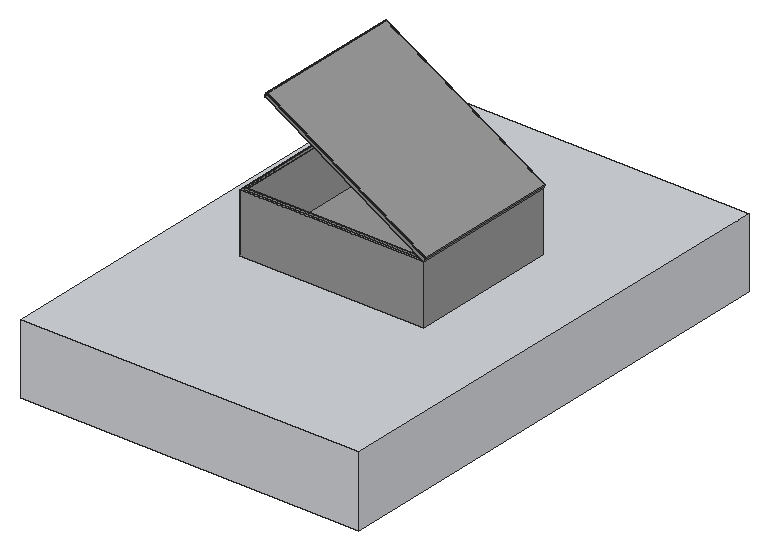
Revit family "Hager-Univers-IP55-D275-H650-Cl.II-Steel_encl-CH-it", category Equipement électrique, Revit 2020
Family settings
  Hôte = Face
  Configuration du panneau = Deux colonnes, circuits au sein
  Cote de connecteur circulaire = Utiliser le diamètre
  Type d'élément = Tableau de raccordement
  Couper avec des vides une fois chargée = Non
  Partagée = Non
  Point de calcul de pièce = Non
Parameters (values of type "A parete IP55 L800 A650 P275  - FR43S")
  Width Control [instance] = if([EF000008 - Larghezza] > Min Width, [EF000008 - Larghezza], Min Width)  # 800 mm
  Commentaires du type = [HG000003 - Gamma]  # "Univers"
  Thickness Door [instance] = if([EF009171 - spessore materiale porta/coperchio] > 3 mm, 3 mm, [EF009171 - spessore materiale porta/coperchio])  # 1.5 mm
  Seal Frame Offset [instance] = 17 mm  # constant formula
  Plinth Visibility [instance] = [HG000027 - Altezza dello zoccolo] > 0 mm  # no
  Model = ""
  Min Width [instance] = 100 mm  # constant formula
  Min Height [instance] = 100 mm  # constant formula
  Min Depth [instance] = (2 * [EF009170 - spessore materiale scatola]) + 1 mm  # 4 mm
  Internal Frame Depth [instance] = (Door System Depth * 0.5)  # 9 mm
  Height Control [instance] = if([EF000040 - Altezza] > Min Height, [EF000040 - Altezza], Min Height)  # 650 mm
  HG000027 - Altezza dello zoccolo = 0 mm
  HG000026 - A pavimento = no
  HG000024 - Altezza della sezione inferiore = 800 mm
  HG000023 - Custodia a doppia sezione = no
  HG000016 - Visibilità delle porte nella vista 3D [instance] = yes
  HG000015 - Visibilità attraverso la porta [instance] = no
  HG000014 - Porta destra [instance] = yes
  HG000013 - Porta sinistra [instance] = not([HG000014 - Porta destra])  # no
  HG000012 - Angolo di apertura della porta [instance] = 30.00°
  HG000010 - Porte asimmetriche = no
  HG000009 - Porta doppia a battente = no
  HG000006 - Ad incasso = no
  HG000004 - Codice produttore = "FR43S"
  HG000003 - Gamma = "Univers"
  HG000002 - Con porta = yes
  Frame Offset Bottom [instance] = 10 mm  # constant formula
  Frame Offset [instance] = 15 mm  # constant formula
  EF015940 - Coprire con rilascio di sovrapressione = no
  EF011959 - tipo di protezione (NEMA) = ""
  EF009554 - numero delle aperture per la piastra della flangia = 6
  Fabricant = "Hager"  # constant formula
  EF009212 - esecuzione coperchio = "EV000116 - chiuso"
  EF009171 - spessore materiale porta/coperchio = 1.5 mm
  EF009170 - spessore materiale scatola = 1.5 mm
  EF008873 - corrente nominale (In) = 800 A
  EF007800 - adatto per parafulmine = no
  EF006306 - con serratura = no
  EF006244 - coperchio/porta trasparente = no
  EF005474 - grado di protezione (IP) = "EV006420 - IP55"
  EF004464 - tipo di porta = "EV002646 - singolo"
  EF004427 - numero di moduli = 144
  EF004293 - resistenza agli urti = "EV008784 - IK10"
  EF003532 - adatto per uso esterno = no
  EF002950 - Numero moduli DIN = 24
  EF001613 - Integrità del circuito = "EV000494 - senza"
  EF001596 - Attacco Lampada = "EV000179 - acciaio"
  EF001131 - profondità interna = 275 mm
  EF001088 - possibilità di applicazione = yes
  EF000437 - numero di ingressi per conduttori = 6
  EF000339 - tipo di copertura = "EV004216 - porta"
  EF000266 - numero di file = 4
  EF000218 - profondità di incasso = 0 mm
  EF000118 - con piastra di montaggio = no
  EF000116 - numero RAL = "7035"
  EF000049 - profondità = 275 mm
  EF000040 - Altezza = 650 mm
  EF000008 - Larghezza = 800 mm
  EF000007 - colore = "EV000270 - grigio"
  EF000003 - Tipo di montaggio = "EV000384 - A parete"
  Door System Leaf Tolerance [instance] = 1.5 mm  # constant formula
  Door System Depth [instance] = 18 mm  # constant formula
  Door Height [instance] = Height Control - [HG000027 - Altezza dello zoccolo]  # 650 mm
  Depth Control [instance] = if([EF000049 - profondità] > Min Depth, [EF000049 - profondità], Min Depth)  # 275 mm
  Default Elevation = 0 mm
  Connector Offset [instance] = Height Control / 2  # 325 mm
  Bottom Top Plate Trim [instance] = 1.5 mm  # constant formula
  Plinth height Ctrl [instance] = if([HG000027 - Altezza dello zoccolo] > 0 mm, [HG000027 - Altezza dello zoccolo], 12 mm)  # 12 mm
Types (5, lengths in mm): name | Width Control | HG000010 - Porte asimmetriche | HG000009 - Porta doppia a battente | HG000004 - Codice produttore | EF009554 - numero delle aperture per la piastra della flangia | EF004464 - tipo di porta | EF004427 - numero di moduli | EF000437 - numero di ingressi per conduttori | EF000008 - Larghezza
  A parete IP55 L1050 A650 P275  - FR44S | 1050 | no | yes | "FR44S" | 8 | "EV003602 - doppio" | 192 | 8 | 1050
  A parete IP55 L1300 A650 P275  - FR45S | 1300 | yes | yes | "FR45S" | 10 | "EV003602 - doppio" | 240 | 10 | 1300
  A parete IP55 L300 A650 P275  - FR41S | 300 | no | no | "FR41S" | 2 | "EV002646 - singolo" | 48 | 2 | 300
  A parete IP55 L550 A650 P275  - FR42S | 550 | no | no | "FR42S" | 4 | "EV002646 - singolo" | 96 | 4 | 550
  A parete IP55 L800 A650 P275  - FR43S | 800 | no | no | "FR43S" | 6 | "EV002646 - singolo" | 144 | 6 | 800
Reference planes
  plane 1 "Center (Front/Back)": y = 0
  plane 2: z = 0
  plane 3 "Center (Left/Right)": x = 0
  plane 4: z = 275
  plane 5: y = 1.5
  plane 6: y = 325
  plane 7: y = 0
  plane 8: y = 650
  plane 9: z = 0
  plane 10: x = -385
  plane 11: x = 385
  plane 12: x = 383.5
  plane 13: x = -383.5
  plane 14: y = 648.5
  plane 15: x = -383
  plane 16: x = -400
  plane 17: x = 383
  plane 18: x = 400
  plane 19: x = 398.5
  plane 20: x = -398.5
  plane 21: y = 11.5
  plane 22: y = 650
  plane 23: y = 633.5
  plane 24: z = 257
  plane 25: z = 1.5
  plane 26: z = 255.5
  plane 27: z = 273.5
Forms (mm)
  Extrusion 1, solid
    sketch origin (0, 0, 0) x (1, 0, 0) y (0, 1, 0)
      loop
        line (-702.964, 1305) -> (-702.964, -811.445) -> (766.763, -811.445) -> (766.763, 1305) -> (-702.964, 1305)
    from 0 to -304.8
  Extrusion 2, solid, material "Hager_Steel_RAL7035_Light_Grey", visible <- "Plinth Visibility", detail levels medium+fine
    sketch origin (0, 0, 0) x (1, 0, 0) y (0, 1, 0)
      loop
        line (-400, 0) -> (400, 0) -> (400, 12) -> (-400, 12) -> (-400, 0)
    from 0 to 257
  Extrusion 3, solid, material "Hager_Steel_RAL7035_Light_Grey", detail levels medium+fine
    sketch origin (0, 0, 0) x (1, 0, 0) y (0, 1, 0)
      loop
        line (-400, 0) -> (400, 0) -> (400, 650) -> (-400, 650) -> (-400, 0)
    from 0 to 257
  Extrusion 4, void
    sketch origin (0, 0, 0) x (1, 0, 0) y (0, 1, 0)
      loop
        line (-398.5, 1.5) -> (398.5, 1.5) -> (398.5, 648.5) -> (-398.5, 648.5) -> (-398.5, 1.5)
    from 1.5 to 255.5
  Extrusion 5, void
    sketch origin (-381.607, -4572, 257) x (0, -1, 0) y (-1, 0, 0)
      loop
        line (-4583.5, 1.893) -> (-5205.5, 1.893) -> (-5205.5, -765.107) -> (-4583.5, -765.107) -> (-4583.5, 1.893)
    from 0 to 1.5 <- "EF009170 - spessore materiale scatola"
  Extrusion 6, solid, material "Hager_Steel_RAL7035_Light_Grey", detail levels fine
    sketch origin (0, 0, 257) x (1, 0, 0) y (0, 1, 0)
      loop
        line (-383.5, 633.5) -> (-383.5, 11.5) -> (383.5, 11.5) -> (383.5, 633.5) -> (-383.5, 633.5)
      loop
        line (-385, 10) -> (385, 10) -> (385, 635) -> (-385, 635) -> (-385, 10)
    from 0 to 9 <- "Internal Frame Depth"
  Extrusion 7, solid, material "Hager_Steel_RAL7035_Light_Grey", detail levels coarse
    sketch origin (0, 0, 0) x (1, 0, 0) y (0, 1, 0)
      loop
        line (-400, 0) -> (400, 0) -> (400, 650) -> (-400, 650) -> (-400, 0)
    from 0 to 275
  Sweep 8, void
    path in 3D
      loop
        line (-400, 12, 0) -> (400, 12, 0) -> (400, 12, 257) -> (-400, 12, 257) -> (-400, 12, 0)
    profile origin (-400, 12, 128.5) x (-1, 0, 0) y (0, -1, 0)
      loop
        line (0, 0) -> (0, 1.5) -> (-1.5, 1.5)
        arc (-1.5, 1.5) -> (-1.061, 0.439) -> (0, 0) r 1.5
Cuts and joins
  Extrusion 4, Extrusion 5 cuts Extrusion 3
  Sweep 8 cuts Extrusion 2
Lines and regions (mm)
  Masking region 1
    outline origin (0, 0, 0) x (1, 0, 0) y (0, 0, 1)
      loop
        line (-400, 275) -> (-400, 0) -> (400, 0) -> (400, 275) -> (-400, 275)
  Masking region 2, detail levels medium+fine
    outline origin (0, 140, 0) x (0, 1, 0) y (0, 0, 1)
      loop
        line (-140, 0) -> (510, 0) -> (510, 257) -> (-140, 257) -> (-140, 0)
  Masking region 3, not visible, detail levels medium+fine
    outline origin (0, 297.922, 0) x (0, 1, 0) y (0, 0, 1)
      loop
        line (38.578, 0) -> (78.578, 0) -> (78.578, 263.5)
        arc (78.578, 263.5) -> (75.649, 270.571) -> (68.578, 273.5) r 10
        line (68.578, 273.5) -> (38.578, 273.5) -> (38.578, 0)
  Masking region 4, detail levels coarse
    outline origin (0, 0, 180) x (0, 1, 0) y (0, 0, 1)
      loop
        line (0, -180) -> (650, -180) -> (650, 95) -> (0, 95) -> (0, -180)
  Masking region 5, visible <- "Plinth Visibility", detail levels medium+fine
    outline origin (0, 52.24, 12.345) x (0, 0, -1) y (0, 1, 0)
      loop
        line (10.845, -40.24) -> (-243.155, -40.24)
        arc (-243.155, -40.24) -> (-243.594, -41.301) -> (-244.655, -41.74) r 1.5
        line (-244.655, -41.74) -> (-244.655, -52.24) -> (12.345, -52.24) -> (12.345, -41.74)
        arc (12.345, -41.74) -> (11.285, -41.301) -> (10.845, -40.24) r 1.5
  Masking region 6, detail levels medium+fine
    outline origin (-381.607, -4572, 257) x (-1, 0, 0) y (0, -1, 0)
      loop
        line (18.393, -5222) -> (18.393, -4572) -> (-781.607, -4572) -> (-781.607, -5222) -> (18.393, -5222)
  Masking region 7, visible <- "Plinth Visibility", detail levels medium+fine
    outline origin (-381.607, -4727, 257) x (-1, 0, 0) y (0, -1, 0)
      loop
        arc (16.893, -4739) -> (17.332, -4737.939) -> (18.393, -4737.5) r 1.5
        line (18.393, -4737.5) -> (18.393, -4727) -> (-781.607, -4727) -> (-781.607, -4737.5)
        arc (-781.607, -4737.5) -> (-780.546, -4737.939) -> (-780.107, -4739) r 1.5
        line (-780.107, -4739) -> (16.893, -4739)
  Masking region 8, detail levels coarse
    outline origin (-442.548, -4669.526, 257) x (-1, 0, 0) y (0, -1, 0)
      loop
        line (-42.548, -5319.526) -> (-42.548, -4669.526) -> (-842.548, -4669.526) -> (-842.548, -5319.526) -> (-42.548, -5319.526)
  sketch lines
    curve 1: line (-400, 12, 257) -> (-400, 12, 0)
    curve 2: line (400, 12, 257) -> (-400, 12, 257)
    curve 3: line (400, 12, 257) -> (400, 12, 0)
    curve 4: line (-400, 12, 0) -> (400, 12, 0)
Dimensions and locks
  "Depth Control": plane 4 to Extrusion 1
  "HG000027 - Altezza dello zoccolo": plane 1 "Center (Front/Back)" to plane 7
  "EF009170 - spessore materiale scatola": plane 5 to plane 7
  locked: connector elem to plane 3 "Center (Left/Right)"
  equal spacing: plane 8, plane 6, plane 7
  locked: connector elem to plane 6
  "EF009170 - spessore materiale scatola": plane 8 to plane 14
  "EF009170 - spessore materiale scatola": plane 10 to plane 13
  "EF009170 - spessore materiale scatola": plane 12 to plane 11
  "Frame Offset": plane 20 to plane 13
  "Frame Offset": plane 12 to plane 19
  "EF009170 - spessore materiale scatola": plane 16 to plane 20
  "EF009170 - spessore materiale scatola": plane 19 to plane 18
  "Seal Frame Offset": plane 16 to plane 15
  "Seal Frame Offset": plane 17 to plane 18
  "Frame Offset Bottom": plane 21 to plane 5
  "Frame Offset": plane 14 to plane 23
  equal spacing: plane 16, plane 3 "Center (Left/Right)", plane 18
  "Width Control": plane 16 to plane 18
  "EF009170 - spessore materiale scatola": plane 4 to plane 27
  "EF009170 - spessore materiale scatola": plane 24 to plane 26
  "EF009170 - spessore materiale scatola": plane 25 to level
  "Door System Depth": plane 4 to plane 24
  "Height Control": plane 1 "Center (Front/Back)" to Extrusion 7 sketch curve
  "Height Control": Masking region 4 sketch curve to plane 1 "Center (Front/Back)"
  "Height Control": plane 1 "Center (Front/Back)" to plane 22
  "Bottom Top Plate Trim": profile plane to Sweep 8 sketch curve
  "Bottom Top Plate Trim": Sweep 8 sketch curve to profile plane
  "Plinth height Ctrl": plane 1 "Center (Front/Back)" to Extrusion 2 sketch curve
  "Plinth height Ctrl": Masking region 5 sketch curve to plane 1 "Center (Front/Back)"
  "Plinth height Ctrl": plane 1 "Center (Front/Back)" to Masking region 7 sketch curve
  "Thickness Door": Extrusion 6 sketch curve to Extrusion 6 sketch curve  (x3)
  "Thickness Door": cut or joined group of Extrusion 3, Extrusion 4, Extrusion 5 to Extrusion 6 sketch curve
  radius of Masking region 3 sketch curve = 10 mm
  "Bottom Top Plate Trim": radius of Masking region 5 sketch curve  (x2)
  "Bottom Top Plate Trim": radius of Sweep 8 sketch curve
  "Bottom Top Plate Trim": radius of Masking region 7 sketch curve  (x2)
  aligned and locked: plane 2 to Extrusion 1
  aligned and locked: level to Extrusion 1
  aligned and locked: level to Masking region 1 sketch curve
  aligned and locked: Masking region 1 sketch curve to plane 18
  aligned and locked: Masking region 1 sketch curve to plane 16
  aligned and locked: plane 7 to Masking region 2 sketch curve
  aligned and locked: level to Masking region 3 sketch curve
  aligned and locked: Masking region 3 sketch curve to plane 27
  aligned and locked: level to Masking region 2 sketch curve
  aligned and locked: plane 1 "Center (Front/Back)" to Extrusion 2 sketch curve
  aligned and locked: Extrusion 3 sketch curve to plane 7
  aligned and locked: plane 16 to Extrusion 3 sketch curve
  aligned and locked: plane 18 to Extrusion 3 sketch curve
  aligned and locked: plane 20 to Extrusion 4 sketch curve
  aligned and locked: plane 19 to Extrusion 4 sketch curve
  aligned and locked: Extrusion 4 sketch curve to plane 5
  aligned and locked: Extrusion 4 to plane 25
  aligned and locked: plane 26 to Extrusion 4
  aligned and locked: plane 24 to Extrusion 3
  aligned and locked: Extrusion 5 sketch curve to plane 21
  aligned and locked: Extrusion 5 sketch curve to plane 13
  aligned and locked: Extrusion 5 sketch curve to plane 12
  aligned and locked: plane 18 to Extrusion 7 sketch curve
  aligned and locked: plane 1 "Center (Front/Back)" to Extrusion 7 sketch curve
  aligned and locked: plane 16 to Extrusion 7 sketch curve
  aligned and locked: plane 4 to Extrusion 7
  aligned and locked: Extrusion 7 to level
  aligned and locked: level to Masking region 4 sketch curve
  aligned and locked: Masking region 4 sketch curve to plane 1 "Center (Front/Back)"
  aligned and locked: Masking region 4 sketch curve to plane 4
  aligned and locked: nested 1 to level
  aligned and locked: nested 1 to plane 16
  aligned and locked: plane 8 to Extrusion 3 sketch curve
  aligned and locked: plane 23 to Extrusion 5 sketch curve
  aligned and locked: plane 14 to Extrusion 4 sketch curve
  aligned and locked: Masking region 2 sketch curve to plane 8
  aligned and locked: level to Masking region 5 sketch curve
  aligned and locked: plane 16 to Extrusion 2 sketch curve
  aligned and locked: plane 18 to Extrusion 2 sketch curve
  aligned and locked: Masking region 5 sketch curve to plane 24
  aligned and locked: Masking region 2 sketch curve to plane 24
  aligned and locked: plane 24 to Extrusion 2
  aligned and locked: profile plane to Sweep 8 sketch curve  (x2)
  aligned and locked: Masking region 6 sketch curve to plane 18
  aligned and locked: Masking region 6 sketch curve to plane 22
  aligned and locked: Masking region 6 sketch curve to plane 16
  aligned and locked: plane 8 to plane 22
  aligned and locked: Masking region 6 sketch curve to plane 7
  aligned and locked: Masking region 7 sketch curve to plane 16
  aligned and locked: Masking region 7 sketch curve to plane 1 "Center (Front/Back)"
  aligned and locked: Masking region 7 sketch curve to plane 18
  aligned and locked: Masking region 8 sketch curve to plane 1 "Center (Front/Back)"
  aligned and locked: Masking region 8 sketch curve to plane 18
  aligned and locked: Masking region 8 sketch curve to plane 22
  aligned and locked: Masking region 8 sketch curve to plane 16
  aligned and locked: nested 2 to plane 7
  aligned and locked: plane 3 "Center (Left/Right)" to nested 2
  aligned and locked: nested 2 to plane 24
  aligned and locked: Extrusion 6 sketch curve to cut or joined group of Extrusion 3, Extrusion 4, Extrusion 5  (x4)
Automatic sketch dimensions
  Extrusion 1 sketch curve to Extrusion 1 sketch curve = 1469.727 mm
  Extrusion 1 sketch curve to Extrusion 1 sketch curve = 2116.445 mm
  Masking region 1 sketch curve to plane 4 = 0 mm
  plane 6 to Masking region 3 sketch curve = 11.5 mm
  Masking region 3 sketch curve to Masking region 3 sketch curve = 30 mm
  Masking region 5 sketch curve to plane 1 "Center (Front/Back)" = 0 mm
Nested families
  nested 1: "Hager_Enclosure_Symbol" at (-400, 0, 0) x (1, 0, 0) z (0, -1, 0), Height <- "Depth Control", Width <- "Width Control", type "Hager_Enclosure_Symbol"
    with Width_Ctrl 800 mm, Width 800 mm, Height_Ctrl 275 mm, Height 275 mm, A_Width_Int 18.047 mm, A_Width 216.562 mm, A_Height_Ctrl 240.625 mm, A_Height 240.625 mm
  nested 2: "EC000058_Univers_Door" at (0, 0, 257) x (1, 0, 0) z (0, 1, 0), Leaf_Tolerance <- "Door System Leaf Tolerance", Angle <- "HG000012 - Angolo di apertura della porta", Door_Depth <- "Door System Depth", Door_Left <- "HG000013 - Porta sinistra", Transparent <- "EF006244 - coperchio/porta trasparente", Assymetrical <- "HG000010 - Porte asimmetriche", Width <- "Width Control", Clearance <- "HG000015 - Visibilità attraverso la porta", Double <- "HG000009 - Porta doppia a battente", 3d_Door <- "HG000016 - Visibilità delle porte nella vista 3D", Lock_Visibility <- "EF006306 - con serratura", Width_Ctrl <- "Width Control", Door_Right <- "HG000014 - Porta destra", Door <- "HG000002 - Con porta", Height <- "Door Height", Thickness <- "Thickness Door", type "EC000058_Univers_Door", detail levels medium+fine
    with min_wh 4 mm, Width_Ctrl 800 mm, Width 800 mm, Transparent no, Thickness 1.5 mm, Seal_Material Hager_Rubber, Lock_Visibility no, Lock_Material Hager_Plastic_RAL9005_Jet_Black, Leaf_Width 800 mm, Leaf_Tolerance_External_Sides 0 mm, Leaf_Tolerance 1.5 mm, Leaf_Offset 0 mm, Leaf_Height 647 mm, Leaf_2_Width 800 mm, Leaf_2_Offset 400 mm, Leaf_1_Width 800 mm, Leaf_1_Offset 400 mm, Height_Ctrl 650 mm, Height 650 mm, Glass_Material Hager_Glass, Double_Clearance_Ctrl no, Double no, Door_Right_Ctrl yes, Door_Right yes, Door_Material Hager_Steel_RAL7035_Light_Grey, Door_Left_Ctrl no, Door_Left no, Door_Depth 18 mm, Door yes, Clearance_Material Hager_Clearance, Clearance_Depth 800 mm, Clearance_Ctrl no, Clearance no, Assymetrical no, Angle 30.00°, 3d_Door yes
Connectors
  electrical at (0, 325, 0)
    settings: on plane 9, index 1, voltage 0 V, apparent load 0 VA, apparent load phase1 0 VA, apparent load phase2 0 VA, apparent load phase3 0 VA, power factor 1, load classification "Other", number of poles 1, system type 30, power factor state 1, is connector primary yes, connector utility no, sub classification motor no, connector description ""
Definition of nested family "EC000058_Univers_Door"
  Parameters (values of type "EC000058_Univers_Door")
    min_wh [instance] = (2 * Thickness) + 1 mm  # 11 mm
    Width_Ctrl [instance] = 400 mm
    Width [instance] = 500 mm
    Transparent [instance] = yes
    Thickness [instance] = 5 mm
    Seal_Material [instance] = none
    Lock_Visibility [instance] = yes
    Lock_Material [instance] = none
    Leaf_Width [instance] = if((Width_Ctrl - 2 * Leaf_Tolerance_External_Sides) > 0 mm, (Width_Ctrl - 2 * Leaf_Tolerance_External_Sides), min_wh)  # 400 mm
    Leaf_Tolerance_External_Sides [instance] = 0 mm  # constant formula
    Leaf_Tolerance [instance] = 1.5 mm
    Leaf_Offset [instance] = 0 mm  # constant formula
    Leaf_Height [instance] = if((Height_Ctrl - 2 * Leaf_Tolerance) > 0 mm, (Height_Ctrl - 2 * Leaf_Tolerance), min_wh)  # 497 mm
    Leaf_2_Width [instance] = if(and(and(Double, Assymetrical), Door_Left), (Leaf_Width / 3) - (Leaf_Tolerance / 2), if(and(and(Double, Assymetrical), Door_Right), (Leaf_Width / 3) * 2 - (Leaf_Tolerance / 2), if(and(Double, not(Assymetrical)), (Leaf_Width / 2) - Leaf_Tolerance, Leaf_Width)))  # 400 mm
    Leaf_2_Offset [instance] = if(and(Double, Assymetrical), Leaf_2_Width / 2, if(and(Double, not(Assymetrical)), Leaf_Width / 4, Leaf_Width / 2))  # 200 mm
    Leaf_1_Width [instance] = if(and(and(Double, Assymetrical), Door_Right), (Leaf_Width / 3) - (Leaf_Tolerance / 2), if(and(and(Double, Assymetrical), Door_Left), (Width / 3) * 2 - (Leaf_Tolerance / 2), if(and(Double, not(Assymetrical)), (Leaf_Width / 2) - Leaf_Tolerance, Leaf_Width)))  # 400 mm
    Leaf_1_Offset [instance] = if(and(Double, Assymetrical), Leaf_1_Width / 2, if(and(Double, not(Assymetrical)), Leaf_Width / 4, Leaf_Width / 2))  # 200 mm
    Height_Ctrl [instance] = if(Height > min_wh, Height, min_wh)  # 500 mm
    Height [instance] = 500 mm
    Glass_Material [instance] = none
    Double_Clearance_Ctrl [instance] = and(Double, Clearance)  # no
    Double [instance] = no
    Door_Right_Ctrl [instance] = and(or(Door_Right, Double), Door)  # yes
    Door_Right [instance] = yes
    Door_Material [instance] = none
    Door_Left_Ctrl [instance] = and(or(Door_Left, Double), Door)  # no
    Door_Left [instance] = no
    Door_Depth [instance] = 30 mm
    Door [instance] = yes
    Default Elevation = 1219.2 mm
    Clearance_Material [instance] = none
    Clearance_Depth [instance] = if(Leaf_1_Width > Leaf_2_Width, Leaf_1_Width, Leaf_2_Width)  # 400 mm
    Clearance_Ctrl [instance] = and(not(Double), Clearance)  # yes
    Clearance [instance] = yes
    Assymetrical [instance] = yes
    Angle [instance] = 30.00°
    3d_Door [instance] = yes
  Reference planes
    plane 1 "Center (Front/Back)": y = 0
    plane 2 "Bottom": z = 0
    plane 3 "Center (Left/Right)": x = 0
    plane 4: z = 500
    plane 5: x = -200
    plane 6: x = 200
    plane 7: z = 500
    plane 8: x = -200
    plane 9: z = 0
    plane 10: x = 200
    plane 11: y = 0
    plane 12: z = 1.5
    plane 13: x = -600
    plane 14: y = -400
    plane 15: x = 600
    plane 16: x = 0
    plane 17: x = 0
    plane 18: x = -200
    plane 19: x = 200
    plane 20: z = 498.5
  Forms (mm)
    Extrusion 1, solid, material <- "Clearance_Material", visible <- "Double_Clearance_Ctrl"
      sketch origin (1200, 0, 0) x (1, 0, 0) y (0, 0, -1)
        loop
          line (-1800, -498.5) -> (-600, -498.5) -> (-600, 0) -> (-1800, 0) -> (-1800, -498.5)
      from 0 to -400
  Dimensions and locks
    equal spacing: plane 5, plane 3 "Center (Left/Right)", plane 6
    "Width_Ctrl": plane 5 to plane 6
    "Leaf_Offset": plane 5 to plane 8
    "Leaf_Offset": plane 6 to plane 10
    "Leaf_Offset": plane 9 to level
    "Leaf_Offset": plane 4 to plane 7
    "Height_Ctrl": plane 4 to level
    "Leaf_Tolerance": plane 12 to plane 9
    locked: plane 11 to plane 1 "Center (Front/Back)"
    "Leaf_1_Offset": plane 18 to plane 16
    "Leaf_2_Offset": plane 17 to plane 19
    "Leaf_1_Width": plane 13 to plane 8
    "Leaf_2_Width": plane 10 to plane 15
    "Clearance_Depth": plane 14 to plane 1 "Center (Front/Back)"
    "Leaf_Tolerance_External_Sides": plane 8 to plane 18
    "Leaf_Tolerance_External_Sides": plane 19 to plane 10
    "Leaf_Tolerance": plane 7 to plane 20
    aligned and locked: level to plane 2 "Bottom"
    aligned and locked: nested 1 to plane 16
    aligned and locked: nested 2 to plane 17
    aligned and locked: Extrusion 1 to plane 13
    aligned and locked: plane 15 to Extrusion 1
    aligned and locked: Extrusion 1 to plane 14
    aligned and locked: plane 12 to nested 1
    aligned and locked: nested 2 to plane 12
    aligned and locked: Extrusion 1 to plane 11
    aligned and locked: plane 20 to Extrusion 1
    aligned and locked: nested 2 to plane 11
    aligned and locked: nested 1 to plane 11
  Automatic sketch dimensions
    Extrusion 1 sketch curve to level = 0 mm
    plane 5 to Extrusion 1 sketch curve = 400 mm
    plane 6 to Extrusion 1 sketch curve = 400 mm
    Extrusion 1 sketch curve to plane 4 = 1.5 mm
  Nested families
    nested 1: "EC000058_Univers_Door_Leaf" at (0, 0, 1.5), Width <- "Leaf_1_Width", visible <- "Door_Left_Ctrl", Leaf_Height <- "Leaf_Height", Angle <- "Angle", 3d_Door <- "3d_Door", Transparent <- "Transparent", Clearance Material <- "Clearance_Material", Clearance <- "Clearance_Ctrl", Door_Material <- "Door_Material", Glass_Material <- "Glass_Material", Door_Depth <- "Door_Depth", Lock_Material <- "Lock_Material", Seal_Material <- "Seal_Material", Lock_Visibility <- "Lock_Visibility", Thickness <- "Thickness", type "EC000058_Univers_Door_Leaf"
      with Width 400 mm, Transparent_Glass_Offset 30 mm, Transparent_Ctrl yes, Transparent yes, Thickness 5 mm, Standard no, Seal_Material none, Seal_D2 8 mm, Seal_D1 1 mm, Offset_Internal_Frame 10 mm, Lock_Width 20 mm, Lock_Visibility_3d yes, Lock_Visibility yes, Lock_Thickness_3 3 mm, Lock_Thickness_2 1 mm, Lock_Thickness_1 3 mm, Lock_Radius_Offset_2 16 mm, Lock_Radius_Offset_1 15 mm, Lock_Radius_2 5 mm, Lock_Radius 6 mm, Lock_Offset 5 mm, Lock_Material none, Lock_Height 80 mm, Lock_Cover_Top_Offset_2d 17 mm, Lock_Cover_Height -65 mm, Leaf_Height 497 mm, Internal_Seal_Thickness 8 mm, Internal_Seal_Depth_2 4.5 mm, Internal_Frame_Depth 25 mm, Glass_Thickness -1 mm, Glass_Offset -2 mm, Glass_Material none, Door_Material none, Door_Depth 30 mm, Clearance Material none, Clearance yes, Angle_Ctrl 30.00°, Angle 30.00°, 3d_Door yes
    nested 2: "EC000058_Univers_Door_Leaf" at (0, 0, 1.5) x (-1, 0, 0) z (0, 0, 1), Width <- "Leaf_2_Width", visible <- "Door_Right_Ctrl", Leaf_Height <- "Leaf_Height", Angle <- "Angle", 3d_Door <- "3d_Door", Transparent <- "Transparent", Clearance Material <- "Clearance_Material", Clearance <- "Clearance_Ctrl", Door_Material <- "Door_Material", Glass_Material <- "Glass_Material", Door_Depth <- "Door_Depth", Lock_Material <- "Lock_Material", Seal_Material <- "Seal_Material", Lock_Visibility <- "Lock_Visibility", Thickness <- "Thickness", type "EC000058_Univers_Door_Leaf"
      with Width 400 mm, Transparent_Glass_Offset 30 mm, Transparent_Ctrl yes, Transparent yes, Thickness 5 mm, Standard no, Seal_Material none, Seal_D2 8 mm, Seal_D1 1 mm, Offset_Internal_Frame 10 mm, Lock_Width 20 mm, Lock_Visibility_3d yes, Lock_Visibility yes, Lock_Thickness_3 3 mm, Lock_Thickness_2 1 mm, Lock_Thickness_1 3 mm, Lock_Radius_Offset_2 16 mm, Lock_Radius_Offset_1 15 mm, Lock_Radius_2 5 mm, Lock_Radius 6 mm, Lock_Offset 5 mm, Lock_Material none, Lock_Height 80 mm, Lock_Cover_Top_Offset_2d 17 mm, Lock_Cover_Height -65 mm, Leaf_Height 497 mm, Internal_Seal_Thickness 8 mm, Internal_Seal_Depth_2 4.5 mm, Internal_Frame_Depth 25 mm, Glass_Thickness -1 mm, Glass_Offset -2 mm, Glass_Material none, Door_Material none, Door_Depth 30 mm, Clearance Material none, Clearance yes, Angle_Ctrl 30.00°, Angle 30.00°, 3d_Door yes
  Definition of nested family "EC000058_Univers_Door_Leaf"
    Parameters (values of type "EC000058_Univers_Door_Leaf")
      Width [instance] = 2000 mm
      Transparent_Glass_Offset [instance] = 30 mm
      Transparent_Ctrl [instance] = and(Transparent, [3d_Door])  # yes
      Transparent [instance] = yes
      Thickness [instance] = 5 mm
      Standard [instance] = and(not(Transparent), [3d_Door])  # no
      Seal_Material [instance] = none
      Seal_D2 [instance] = 8 mm  # constant formula
      Seal_D1 [instance] = 1 mm  # constant formula
      Offset_Internal_Frame [instance] = 10 mm  # constant formula
      Lock_Width [instance] = 20 mm  # constant formula
      Lock_Visibility_3d [instance] = and(Lock_Visibility, [3d_Door])  # yes
      Lock_Visibility [instance] = yes
      Lock_Thickness_3 [instance] = 3 mm  # constant formula
      Lock_Thickness_2 [instance] = 1 mm  # constant formula
      Lock_Thickness_1 [instance] = 3 mm  # constant formula
      Lock_Radius_Offset_2 [instance] = Lock_Radius_Offset_1 + 1 mm  # 16 mm
      Lock_Radius_Offset_1 [instance] = 15 mm  # constant formula
      Lock_Radius_2 [instance] = Lock_Radius - 1 mm  # 5 mm
      Lock_Radius [instance] = 6 mm  # constant formula
      Lock_Offset [instance] = 5 mm  # constant formula
      Lock_Material [instance] = none
      Lock_Height [instance] = 80 mm  # constant formula
      Lock_Cover_Top_Offset_2d [instance] = Lock_Radius_Offset_2 + 1 mm  # 17 mm
      Lock_Cover_Height [instance] = -(Lock_Height - Lock_Radius_Offset_1)  # -65 mm
      Leaf_Height [instance] = 2720.336 mm
      Internal_Seal_Thickness [instance] = 8 mm  # constant formula
      Internal_Seal_Depth_2 [instance] = 4.5 mm  # constant formula
      Internal_Frame_Depth [instance] = if(Door_Depth - Thickness > 5 mm, Door_Depth - Thickness, 5 mm)  # 25 mm
      Glass_Thickness [instance] = if(Thickness > 15 mm, Glass_Offset + 10 mm, -1 mm)  # -1 mm
      Glass_Offset [instance] = if(Thickness > 15 mm, -(Thickness + 10 mm) / 2, -2 mm)  # -2 mm
      Glass_Material [instance] = none
      Door_Material [instance] = none
      Door_Depth [instance] = 30 mm
      Default Elevation = 0 mm
      Clearance Material [instance] = none
      Clearance [instance] = yes
      Angle_Ctrl [instance] = if(Angle > 180.00°, 180.00°, Angle)  # 90.00°
      Angle [instance] = 90.00°
      3d_Door [instance] = yes
    Reference planes
      plane 1 "Center (Front/Back)": y = 0
      plane 2: z = 0
      plane 3 "Center (Left/Right)": x = 0
      plane 4: y = 2000
      plane 5: x = -1000
      plane 6: x = 1000
      plane 7: x = -3000
      plane 8: z = 2720.336
      plane 9: z = 30
      plane 10: z = 2690.336
      plane 11: x = 970
      plane 12: x = -970
      plane 13: y = -3
      plane 14: z = 107.833
      plane 15: y = -5
      plane 16: y = -223.314
      plane 17: x = -1000
      plane 18: z = 1360.168
      plane 19: y = 30
    Forms (mm)
      Extrusion 1, solid, material <- "Clearance Material", visible <- "Clearance"
        sketch origin (0, 0, 0) x (1, 0, 0) y (0, 0, 1)
          loop
            line (-3000, 2720.336) -> (-3000, 0) -> (1000, 0) -> (1000, 2720.336) -> (-3000, 2720.336)
        from 0 to -2000
      Extrusion 2, solid, material <- "Door_Material", visible <- "Standard", detail levels medium+fine
        sketch origin (-1000, 0, 0) x (0, 1, 0) y (-1, 0, 0)
          loop
            line (0, 30) -> (0, 25) -> (2000, 25) -> (2000, 30) -> (0, 30)
        from 0 to 2720.336 <- "Leaf_Height"
      Extrusion 3, solid, material <- "Door_Material", visible <- "Transparent_Ctrl", detail levels medium+fine
        sketch origin (-1000, 0, 0) x (0, 1, 0) y (-1, 0, 0)
          loop
            line (0, 25) -> (2000, 25) -> (2000, 30) -> (0, 30) -> (0, 25)
        from 0 to 2720.336 <- "Leaf_Height"
      Extrusion 4, void
        sketch origin (-1025, 2000, 0) x (0, 1, 0) y (0, 0, -1)
          loop
            line (-30, -2690.336) -> (-30, -30) -> (-1970, -30) -> (-1970, -2690.336) -> (-30, -2690.336)
        from 0 to 5 <- "Thickness"
      Sweep 5, solid, material <- "Seal_Material", visible <- "Transparent_Ctrl", detail levels fine
        path in 3D
          loop
            line (-1025, 30, 30) -> (-1025, 30, 2690.336) -> (-1025, 1970, 2690.336) -> (-1025, 1970, 30) -> (-1025, 30, 30)
        profile origin (-1025, 1000, 30) x (1, 0, 0) y (0, 0, 1)
          loop
            line (0, 0) -> (0, -8) -> (1, -8) -> (1, 0) -> (0, 0)
      Extrusion 6, solid, material <- "Glass_Material", visible <- "Transparent_Ctrl", detail levels medium+fine
        sketch origin (-1030, 0, 0) x (0, 1, 0) y (0, 0, -1)
          loop
            line (1970, -2690.336) -> (1970, -30) -> (30, -30) -> (30, -2690.336) -> (1970, -2690.336)
        from -2 <- "Glass_Offset" to -1 <- "Glass_Thickness"
      Extrusion 7, solid, material <- "Door_Material", visible <- "3d_Door", detail levels medium+fine
        sketch origin (-1025, 2000, 0) x (0, -1, 0) y (0, 0, -1)
          loop
            line (0, -2720.336) -> (2000, -2720.336) -> (2000, 0) -> (0, 0) -> (0, -2720.336)
          loop
            line (1995, -5) -> (5, -5) -> (5, -2715.336) -> (1995, -2715.336) -> (1995, -5)
        from 0 to 25 <- "Internal_Frame_Depth"
      Sweep 8, solid, material <- "Seal_Material", visible <- "Transparent_Ctrl", detail levels fine
        path in 3D
          loop
            line (-1025, 0, 0) -> (-1025, 2000, 0) -> (-1025, 2000, 2720.336) -> (-1025, 0, 2720.336) -> (-1025, 0, 0)
        profile origin (-1025, 0, 1360.168) x (1, 0, 0) y (0, 1, 0)
          loop
            line (0, 10) -> (2.975, 10)
            arc (2.975, 10) -> (4.053, 10.447) -> (4.5, 11.525) r 1.525
            line (4.5, 11.525) -> (4.5, 16.527)
            arc (4.5, 16.527) -> (4.069, 17.569) -> (3.027, 18) r 1.473
            line (3.027, 18) -> (0, 18) -> (0, 10)
      Extrusion 9, solid, material <- "Lock_Material", visible <- "Lock_Visibility_3d", detail levels fine
        sketch origin (-1030, 0, 0) x (0, 1, 0) y (0, 0, -1)
          loop
            arc (1993.5, -1400.168) -> (1994.561, -1399.729) -> (1995, -1398.668) r 1.5
            line (1995, -1398.668) -> (1995, -1320.168) -> (1975, -1320.168) -> (1975, -1398.668)
            arc (1975, -1398.668) -> (1975.439, -1399.729) -> (1976.5, -1400.168) r 1.5
            line (1976.5, -1400.168) -> (1993.5, -1400.168)
        from 3 <- "Lock_Thickness_1" to 0
      Blend 10, solid, material <- "Lock_Material", visible <- "Lock_Visibility_3d", detail levels fine
        base sketch origin (-1033, 0, 0) x (0, 1, 0) y (0, 0, -1)
          loop
            line (1975, -1320.168) -> (1975, -1398.668)
            arc (1975, -1398.668) -> (1975.439, -1399.729) -> (1976.5, -1400.168) r 1.5
            line (1976.5, -1400.168) -> (1993.5, -1400.168)
            arc (1993.5, -1400.168) -> (1994.561, -1399.729) -> (1995, -1398.668) r 1.5
            line (1995, -1398.668) -> (1995, -1320.168) -> (1975, -1320.168)
        top sketch origin (-1033, 0, 0) x (0, 1, 0) y (0, 0, -1)
          loop
            line (1976, -1320.168) -> (1976, -1398.668)
            arc (1976, -1398.668) -> (1976.146, -1399.022) -> (1976.5, -1399.168) r 0.5
            line (1976.5, -1399.168) -> (1993.5, -1399.168)
            arc (1993.5, -1399.168) -> (1993.854, -1399.022) -> (1994, -1398.668) r 0.5
            line (1994, -1398.668) -> (1994, -1320.168) -> (1976, -1320.168)
        from 0 to 1 <- "Lock_Thickness_2"
      Blend 11, solid, material <- "Lock_Material", visible <- "Lock_Visibility_3d", detail levels fine
        base sketch origin (-1034, 0, 0) x (0, 1, 0) y (0, 0, -1)
          loop
            line (1978, -1320.168) -> (1978, -1384.168)
            arc (1978, -1384.168) -> (1985, -1391.168) -> (1992, -1384.168) r 7
            line (1992, -1384.168) -> (1992, -1320.168) -> (1978, -1320.168)
        top sketch origin (-1034, 0, 0) x (0, 1, 0) y (0, 0, -1)
          loop
            line (1991, -1320.168) -> (1979, -1320.168) -> (1979, -1383.168)
            arc (1979, -1383.168) -> (1985, -1389.168) -> (1991, -1383.168) r 6
            line (1991, -1383.168) -> (1991, -1320.168)
        from 0 to 3 <- "Lock_Thickness_3"
      Extrusion 12, solid, material <- "Lock_Material", visible <- "Lock_Visibility_3d", detail levels fine
        sketch origin (-1030, 1975, 1320.168) x (1, 0, 0) y (0, -1, 0)
          loop
            line (-7, -19) -> (-7, -1) -> (0, -1) -> (0, 0) -> (-8, 0) -> (-8, -20) -> (0, -20) -> (0, -19) -> (-7, -19)
        from 0 to -65 <- "Lock_Cover_Height"
      Extrusion 13, void
        sketch origin (-1038, 1995, 1320.168) x (-1, 0, 0) y (0, 0, -1)
          loop
            line (-5, -65) -> (0, -65) -> (-5, -60) -> (-5, -65)
        from 0 to 20 <- "Lock_Width"
      Extrusion 14, void
        sketch origin (-1038, 1975, 1320.168) x (0, -1, 0) y (0, 0, -1)
          loop
            circle (-10, -15.995) r 6
          loop
            circle (-10, -15.995) r 5
        from 0 to 2
      Extrusion 15, solid, material <- "Lock_Material", visible <- "Lock_Visibility_3d", detail levels medium
        sketch origin (-1030, 0, 0) x (0, 1, 0) y (0, 0, -1)
          loop
            arc (1993.5, -1400.168) -> (1994.561, -1399.729) -> (1995, -1398.668) r 1.5
            line (1995, -1398.668) -> (1995, -1320.168) -> (1975, -1320.168) -> (1975, -1398.668)
            arc (1975, -1398.668) -> (1975.439, -1399.729) -> (1976.5, -1400.168) r 1.5
            line (1976.5, -1400.168) -> (1993.5, -1400.168)
        from 8 to 0
    Cuts and joins
      Extrusion 4 cuts Extrusion 3
      Extrusion 13, Extrusion 14 cuts Extrusion 9
      Extrusion 14 cuts Blend 11
      Extrusion 13, Extrusion 14 cuts Extrusion 12
      joined: Extrusion 9, Blend 10, Blend 11, Extrusion 12
      Extrusion 14 cuts Extrusion 15
    Lines and regions (mm)
      Masking region 1, visible <- "Lock_Visibility", detail levels fine
        outline origin (0, 0, 0) x (0, 1, 0) y (0, 0, 1)
          loop
            line (30, 1320.168) -> (33, 1320.168) -> (33, 1400.168) -> (30, 1400.168) -> (30, 1320.168)
      Masking region 2, visible <- "Lock_Visibility", detail levels fine
        outline origin (0, 3.143, 0) x (0, 1, 0) y (0, 0, 1)
          loop
            line (29.857, 1354.168) -> (30.857, 1354.168) -> (30.857, 1366.168) -> (29.857, 1366.168) -> (29.857, 1354.168)
      Masking region 3, detail levels medium+fine
        outline origin (0, 0, 0) x (0, 1, 0) y (0, 0, 1)
          loop
            line (0, 0) -> (30, 0) -> (30, 2720.336) -> (0, 2720.336) -> (0, 0)
      Masking region 4, detail levels medium+fine
        outline origin (0, 0, 0) x (1, 0, 0) y (0, 0, 1)
          loop
            line (-1000, 2720.336) -> (-1000, 0) -> (1000, 0) -> (1000, 2720.336) -> (-1000, 2720.336)
      Masking region 5, visible <- "Lock_Visibility", detail levels fine
        outline origin (-47.116, 0, 0) x (1, 0, 0) y (0, 0, 1)
          loop
            arc (1024.616, 1399.168) -> (1023.556, 1398.729) -> (1023.116, 1397.668) r 1.5
            line (1023.116, 1397.668) -> (1023.116, 1320.168) -> (1041.116, 1320.168) -> (1041.116, 1397.668)
            arc (1041.116, 1397.668) -> (1040.677, 1398.729) -> (1039.616, 1399.168) r 1.5
            line (1039.616, 1399.168) -> (1024.616, 1399.168)
      Masking region 6, visible <- "Lock_Visibility", detail levels medium+fine
        outline origin (-25, 0, 0) x (1, 0, 0) y (0, 0, 1)
          loop
            arc (1001.5, 1400.168) -> (1000.439, 1399.729) -> (1000, 1398.668) r 1.5
            line (1000, 1398.668) -> (1000, 1320.168) -> (1020, 1320.168) -> (1020, 1398.668)
            arc (1020, 1398.668) -> (1019.561, 1399.729) -> (1018.5, 1400.168) r 1.5
            line (1018.5, 1400.168) -> (1001.5, 1400.168)
      Masking region 7, visible <- "Lock_Visibility", detail levels fine
        outline origin (-73.735, 0, 0) x (1, 0, 0) y (0, 0, 1)
          loop
            line (1051.735, 1382.168) -> (1065.735, 1382.168) -> (1065.735, 1384.168)
            arc (1065.735, 1384.168) -> (1058.735, 1391.168) -> (1051.735, 1384.168) r 7
            line (1051.735, 1384.168) -> (1051.735, 1382.168)
      Masking region 8, visible <- "Lock_Visibility", detail levels fine
        outline origin (-73.735, 0, 0) x (1, 0, 0) y (0, 0, 1)
          loop
            line (1052.735, 1382.168) -> (1064.735, 1382.168) -> (1064.735, 1383.168)
            arc (1064.735, 1383.168) -> (1058.735, 1389.168) -> (1052.735, 1383.168) r 6
            line (1052.735, 1383.168) -> (1052.735, 1382.168)
      Masking region 9, visible <- "Lock_Visibility", detail levels fine
        outline origin (-25, 0, 0) x (1, 0, 0) y (0, 0, 1)
          loop
            line (1020, 1320.168) -> (1020, 1382.168) -> (1000, 1382.168) -> (1000, 1320.168) -> (1020, 1320.168)
      Masking region 10, detail levels medium+fine
        outline origin (0, 0, 0) x (1, 0, 0) y (0, 0, 1)
          loop
            circle (985, 1335.144) r 6
      Masking region 11, detail levels fine
        outline origin (0, 0, 0) x (1, 0, 0) y (0, 0, 1)
          loop
            circle (985, 1335.144) r 5
      Masking region 12, visible <- "Lock_Visibility", detail levels fine
        outline origin (0, 12.767, 0) x (0, 1, 0) y (0, 0, 1)
          loop
            line (20.233, 1320.168) -> (21.233, 1320.168) -> (21.233, 1399.168) -> (20.233, 1400.168) -> (20.233, 1320.168)
      Masking region 13, visible <- "Lock_Visibility", detail levels fine
        outline origin (0, 13.767, -10) x (0, 1, 0) y (0, 0, 1)
          loop
            line (20.233, 1330.168) -> (23.233, 1330.168) -> (23.233, 1399.168) -> (20.233, 1402.168) -> (20.233, 1330.168)
      Masking region 14, visible <- "Lock_Visibility", detail levels fine
        outline origin (0, 12.767, -10) x (0, 1, 0) y (0, 0, 1)
          loop
            line (20.233, 1330.168) -> (25.233, 1330.168) -> (25.233, 1399.305) -> (20.233, 1394.305) -> (20.233, 1330.168)
      Masking region 15, visible <- "Lock_Visibility", detail levels medium
        outline origin (0, 0, 0) x (0, 1, 0) y (0, 0, 1)
          loop
            line (30, 1320.168) -> (38, 1320.168) -> (38, 1400.168) -> (30, 1400.168) -> (30, 1320.168)
      Masking region 16, visible <- "Lock_Visibility", detail levels fine
        outline origin (-1000, 0, 0) x (0, 1, 0) y (-1, 0, 0)
          loop
            line (1975, 30) -> (1995, 30) -> (1995, 38) -> (1975, 38) -> (1975, 30)
          loop
            line (1979, 37) -> (1976, 37) -> (1976, 34) -> (1978, 34) -> (1979, 37)
          loop
            line (1994, 37) -> (1991, 37) -> (1992, 34) -> (1994, 34) -> (1994, 37)
      Masking region 17, visible <- "Lock_Visibility", detail levels medium
        outline origin (-1000, 0, 0) x (0, 1, 0) y (-1, 0, 0)
          loop
            line (1975, 30) -> (1995, 30) -> (1995, 38) -> (1975, 38) -> (1975, 30)
      symbolic lines
        curve 1: line (1000, 0, 0) -> (-3000, 0, 0)
        curve 2: arc (1000, 0, 0) -> (-1000, 2000, 0) -> (-3000, 0, 0) r 2000
        curve 4: line (-1030, 0, 0) -> (-1030, 2000, 0)
      reference lines
        curve 3: line (-1000, 0, 0) -> (-1000, 2000, 0)
      symbolic lines, detail levels medium+fine
        curve 5: line (-1030, 2000, 0) -> (-1025, 2000, 0)
        curve 7: line (-1025, 0, 0) -> (-1030, 0, 0)
        curve 8: line (-1025, 0, 0) -> (-1000, 0, 0)
        curve 9: line (-1000, 0, 0) -> (-1000, 2000, 0)
        curve 10: line (-1000, 2000, 0) -> (-1025, 2000, 0)
      symbolic lines, detail levels fine
        curve 6: line (-1025, 2000, 0) -> (-1025, 0, 0)
      sketch lines
        curve 11: line (-1025, 0, 2720.336) -> (-1025, 0, 0)
        curve 12: line (-1025, 2000, 0) -> (-1025, 0, 0)
        curve 13: line (-1025, 2000, 2720.336) -> (-1025, 2000, 0)
        curve 14: line (-1025, 0, 2720.336) -> (-1025, 2000, 2720.336)
        curve 15: line (-1025, 1970, 30) -> (-1025, 30, 30)
        curve 16: line (-1025, 30, 30) -> (-1025, 30, 2690.336)
        curve 17: line (-1025, 1970, 2690.336) -> (-1025, 1970, 30)
        curve 18: line (-1025, 30, 2690.336) -> (-1025, 1970, 2690.336)
      symbolic lines, visible <- "Transparent", detail levels medium+fine
        curve 19: line (-970, 0, 2690.336) -> (970, 0, 2690.336)
        curve 20: line (-970, 0, 30) -> (-970, 0, 2690.336)
        curve 21: line (970, 0, 30) -> (-970, 0, 30)
        curve 22: line (970, 0, 2690.336) -> (970, 0, 30)
    Dimensions and locks
      "Width": plane 1 "Center (Front/Back)" to plane 4
      equal spacing: plane 5, plane 3 "Center (Left/Right)", plane 6
      "Width": plane 5 to plane 6
      "Width": plane 7 to plane 5
      "Leaf_Height": plane 8 to level
      "Width": curve 5 to curve 3
      "Width": curve 3 to curve 3
      plane 8 to plane 10 = 30 mm
      plane 9 to level = 30 mm
      plane 12 to plane 5 = 30 mm
      plane 6 to plane 11 = 30 mm
      Extrusion 1 to Extrusion 4 sketch curve = 30 mm
      "Transparent_Glass_Offset": curve 3 to Extrusion 4 sketch curve
      "Transparent_Glass_Offset": Extrusion 4 sketch curve to cut or joined group of Extrusion 3, Extrusion 4  (x2)
      cut or joined group of Extrusion 3, Extrusion 4 to Extrusion 6 sketch curve = 30 mm
      "Transparent_Glass_Offset": cut or joined group of Extrusion 3, Extrusion 4 to Extrusion 4 sketch curve
      "Thickness": curve 6 to curve 4
      "Thickness": Extrusion 7 sketch curve to Extrusion 7 sketch curve  (x4)
      "Door_Depth": curve 4 to curve 3
      "Offset_Internal_Frame": profile plane to Sweep 8 sketch curve
      "Internal_Seal_Thickness": Sweep 8 sketch curve to Sweep 8 sketch curve
      "Internal_Seal_Depth_2": profile plane to Sweep 8 sketch curve
      "Seal_D1": profile plane to Sweep 5 sketch curve
      "Seal_D2": profile plane to Sweep 5 sketch curve
      "Thickness": Extrusion 2 sketch curve to Extrusion 2 sketch curve
      equal spacing: Extrusion 9 sketch curve, plane 18, Extrusion 9 sketch curve  (x2)
      equal spacing: Masking region 1 sketch curve, plane 18, Masking region 1 sketch curve
      "Lock_Height": Masking region 1 sketch curve to Masking region 1 sketch curve
      "Lock_Radius": Masking region 2 sketch curve to plane 18 to Masking region 2 sketch curve
      Masking region 2 sketch curve to Masking region 1 = 1 mm
      "Door_Depth": plane 19 to plane 1 "Center (Front/Back)"
      "Lock_Thickness_1": Masking region 1 sketch curve to plane 19
      "Lock_Width": Extrusion 9 sketch curve to Extrusion 9 sketch curve
      "Lock_Height": Extrusion 9 sketch curve to Extrusion 9 sketch curve
      "Lock_Offset": cut or joined group of Extrusion 3, Extrusion 4 to Extrusion 9 sketch curve
      equal spacing: plane 8, plane 18, level
      "Lock_Radius_Offset_1": Blend 11 sketch curve to Blend 10
      locked: Blend 10 to Blend 11 sketch curve at 2  (x2)
      locked: var sketch to Blend 11 sketch curve at 1  (x2)
      "Lock_Radius_Offset_2": Blend 11 sketch curve to Blend 10
      locked: Extrusion 12 sketch curve to Extrusion 12 sketch curve at 1  (x3)
      Masking region 6 sketch curve to Masking region 6 sketch curve = 80 mm
      "Lock_Height": Masking region 6 sketch curve to Masking region 6 sketch curve
      "Lock_Width": Masking region 6 sketch curve to Masking region 6 sketch curve
      locked: Masking region 6 to Masking region 5 sketch curve at 1  (x3)
      locked: Masking region 5 to Masking region 7 sketch curve at 2  (x2)
      "Lock_Radius_Offset_1": Masking region 5 to Masking region 7 sketch curve
      "Lock_Radius_Offset_2": Masking region 5 to Masking region 8 sketch curve
      locked: Masking region 7 to Masking region 8 sketch curve at 1  (x2)
      "Lock_Cover_Top_Offset_2d": Masking region 5 to Masking region 9 sketch curve
      equal spacing: Masking region 9, Masking region 10 sketch curve, Masking region 9
      equal spacing: Masking region 9, Masking region 11 sketch curve, Masking region 9
      Extrusion 15 sketch curve to Extrusion 15 sketch curve = 80 mm
      "Lock_Width": Extrusion 15 sketch curve to Extrusion 15 sketch curve
      "Lock_Height": Extrusion 15 sketch curve to Extrusion 15 sketch curve
      equal spacing: Extrusion 15 sketch curve, plane 18, Extrusion 15 sketch curve
      "Lock_Thickness_3": Masking region 13 sketch curve to Masking region 13 sketch curve
      "Lock_Height": Masking region 12 sketch curve to Masking region 12 sketch curve
      locked: Masking region 13 sketch curve to Masking region 1 at 8
      locked: Masking region 14 sketch curve to Masking region 13 at 1
      locked: Masking region 14 sketch curve to Masking region 1 at 10.863
      "Lock_Height": Masking region 15 sketch curve to Masking region 15 sketch curve
      "Lock_Offset": Extrusion 15 sketch curve to cut or joined group of Extrusion 3, Extrusion 4
      "Lock_Offset": plane 6 to Masking region 6 sketch curve
      radius of Sweep 8 sketch curve = 1.525 mm
      radius of Sweep 8 sketch curve = 1.473 mm
      radius of Extrusion 9 sketch curve = 1.5 mm  (x2)
      "Lock_Radius": radius of Extrusion 14 sketch curve
      "Lock_Radius_2": radius of Extrusion 14 sketch curve
      "Lock_Radius": radius of Masking region 10 sketch curve
      "Lock_Radius_2": radius of Masking region 11 sketch curve
      radius of Extrusion 15 sketch curve = 1.5 mm  (x2)
      "Angle_Ctrl": angle plane 1 "Center (Front/Back)" to curve 3
      locked: Masking region 12 sketch curve to Masking region 12 sketch curve (angle 45.00°)
      locked: Masking region 13 sketch curve to Masking region 13 sketch curve (angle 45.00°)
      locked: Masking region 14 sketch curve to Masking region 14 sketch curve (angle 45.00°)
      aligned and locked: level to plane 2
      aligned and locked: Extrusion 1 to curve 1
      aligned and locked: plane 6 to Extrusion 1
      aligned and locked: Extrusion 1 to plane 1 "Center (Front/Back)"
      aligned and locked: plane 4 to Extrusion 1
      aligned and locked: plane 8 to Extrusion 1
      aligned and locked: curve 7 to Extrusion 2 sketch curve
      aligned and locked: curve 5 to Extrusion 2 sketch curve
      aligned and locked: curve 7 to Extrusion 3 sketch curve
      aligned and locked: Extrusion 3 sketch curve to curve 4
      aligned and locked: Extrusion 3 sketch curve to curve 6
      aligned and locked: Extrusion 3 sketch curve to curve 5
      aligned and locked: curve 9 to curve 3
      aligned and locked: Extrusion 7 sketch curve to cut or joined group of Extrusion 3, Extrusion 4  (x4)
      aligned and locked: plane 17 to curve 3
      aligned and locked: plane 1 "Center (Front/Back)" to curve 3
      aligned and locked: plane 17 to plane 5
      aligned and locked: Sweep 8 sketch curve to profile plane
      aligned and locked: Sweep 5 sketch curve to profile plane  (x2)
      aligned and locked: Masking region 1 to Masking region 2 sketch curve
      aligned and locked: plane 19 to Masking region 1 sketch curve
      aligned and locked: plane 1 "Center (Front/Back)" to Masking region 3 sketch curve
      aligned and locked: plane 19 to Masking region 3 sketch curve
      aligned and locked: level to Masking region 3 sketch curve
      aligned and locked: Masking region 3 sketch curve to plane 8
      aligned and locked: plane 17 to Masking region 4 sketch curve
      aligned and locked: level to Masking region 4 sketch curve
      aligned and locked: Masking region 4 sketch curve to plane 8
      aligned and locked: plane 12 to curve 20
      aligned and locked: plane 10 to curve 19
      aligned and locked: plane 11 to curve 22
      aligned and locked: curve 21 to plane 9
      aligned and locked: Extrusion 2 sketch curve to cut or joined group of Extrusion 3, Extrusion 4
      aligned and locked: Blend 10 sketch curve to Extrusion 9  (x4)
      aligned and locked: Extrusion 9 to Blend 10 sketch curve
      aligned and locked: Blend 10 to Blend 11 sketch curve
      aligned and locked: Extrusion 12 sketch curve to Blend 11
      aligned and locked: Extrusion 12 sketch curve to Extrusion 9  (x4)
      aligned and locked: Masking region 5 sketch curve to Masking region 6
      aligned and locked: Masking region 9 sketch curve to Masking region 6  (x3)
      aligned and locked: Masking region 12 sketch curve to Masking region 1
      aligned and locked: Masking region 13 sketch curve to Masking region 1
      aligned and locked: Masking region 12 to Masking region 14
      aligned and locked: Masking region 14 sketch curve to Masking region 1
      aligned and locked: Masking region 15 sketch curve to Masking region 14
      aligned and locked: Masking region 13 sketch curve to Masking region 12
      aligned and locked: Masking region 16 sketch curve to cut or joined group of Extrusion 14, Extrusion 15  (x4)
      aligned and locked: Masking region 16 sketch curve to cut or joined group of Extrusion 9, Blend 10, Blend 11, Extrusion 12, Extrusion 13, Extrusion 14  (x6)
      aligned and locked: cut or joined group of Extrusion 9, Blend 10, Blend 11, Extrusion 12, Extrusion 13, Extrusion 14 to Masking region 16 sketch curve
      aligned and locked: Masking region 17 sketch curve to cut or joined group of Extrusion 14, Extrusion 15  (x3)
      aligned and locked: Masking region 17 sketch curve to cut or joined group of Extrusion 9, Blend 10, Blend 11, Extrusion 12, Extrusion 13, Extrusion 14
      aligned and locked: Masking region 9 to Masking region 8 sketch curve
      aligned and locked: Masking region 9 to Masking region 7 sketch curve
    Automatic sketch dimensions
      plane 1 "Center (Front/Back)" to curve 2 = 0 mm
      curve 2 to plane 5 = 0 mm
      Extrusion 1 sketch curve to level = 0 mm
      Extrusion 1 sketch curve to plane 7 = 0 mm
      Extrusion 1 sketch curve to plane 6 = 0 mm
      Extrusion 1 sketch curve to plane 8 = 0 mm
      Extrusion 3 to Extrusion 6 sketch curve = 30 mm  (x4)
      Masking region 4 sketch curve to plane 6 = 0 mm
      Blend 10 sketch curve to Extrusion 9 = 1.5 mm
      Blend 10 sketch curve to Extrusion 9 = 1 mm
      Extrusion 13 sketch curve to Extrusion 12 = 0 mm  (x2)
      Extrusion 12 to Extrusion 13 sketch curve = 3 mm
      Extrusion 13 sketch curve to Extrusion 12 = 5 mm
      Extrusion 14 sketch curve to Extrusion 14 sketch curve = 0 mm  (x2)
      Extrusion 14 sketch curve to Extrusion 12 = 10 mm
      Extrusion 14 sketch curve to Extrusion 12 = 15.995 mm
      Masking region 5 sketch curve to Masking region 5 sketch curve = 1.5 mm  (x2)
      Masking region 10 sketch curve to plane 18 = 25.024 mm
      Masking region 11 sketch curve to plane 18 = 25.024 mm
      plane 19 to Masking region 14 sketch curve = 3 mm
      Masking region 16 sketch curve to Masking region 16 sketch curve = 3 mm
      curve 4 to curve 3 = 0 mm
      Blend 10 to Blend 11 sketch curve = 0 mm
      Masking region 6 sketch curve to Masking region 6 sketch curve = 1.5 mm  (x2)
      Masking region 6 sketch curve to plane 18 = 40 mm
      plane 19 to Masking region 12 sketch curve = 3 mm
      Masking region 12 sketch curve to Masking region 12 sketch curve = 1 mm
      Masking region 15 sketch curve to plane 19 = 0 mm
      Masking region 15 sketch curve to plane 18 = 40 mm
      radius of Blend 10 sketch curve to Extrusion 9 = 1 mm
Definition of nested family "Hager_Enclosure_Symbol"
  Parameters (values of type "Hager_Enclosure_Symbol")
    Width_Ctrl [instance] = if(Width > 1 mm, Width, 1 mm)  # 102.27 mm
    Width [instance] = 102.27 mm
    Height_Ctrl [instance] = if(Height > 1 mm, Height, 1 mm)  # 66.5 mm
    A_Width_Int [instance] = if(A_Width / 12 > 2 mm, A_Width / 12, 2 mm)  # 4.364 mm
    A_Width [instance] = if(A_Height_Ctrl * 0.9 > 2 mm, A_Height_Ctrl * 0.9, 2 mm)  # 52.369 mm
    A_Height_Ctrl [instance] = if(A_Height > 2 mm, A_Height, 2 mm)  # 58.188 mm
    Height [instance] = 66.5 mm
    A_Height [instance] = Height - (Height / 8)  # 58.188 mm
  Reference planes
    plane 1 "Centre (avant/arrière)": y = 0
    plane 2: z = 0
    plane 3 "Centre (gauche/droite)": x = 0
    plane 4: x = 52.369
    plane 5: y = 33.042
    plane 6: y = 41.77
    plane 7: y = 66.5
    plane 8: x = 26.184
    plane 9: y = 37.406
    plane 10: x = 102.27
    plane 11: y = 66.5
    plane 12: y = 8.313
  Lines and regions (mm)
    Filled region 1, type "Solid_Black", in view "Niveau de réf."
      outline origin (0, 0, 0) x (1, 0, 0) y (0, 1, 0)
        loop
          line (52.369, 66.5) -> (33.188, 54.536) -> (45.365, 45.006) -> (52.369, 66.5)
    Filled region 2, type "Solid_Black", in view "Niveau de réf."
      outline origin (0, 0, 0) x (1, 0, 0) y (0, 1, 0)
        loop
          line (0, 0) -> (102.27, 0) -> (102.27, 66.5) -> (0, 0)
    detail lines, in view "Niveau de réf."
      curve 1: line (0, 8.313, 0) -> (26.184, 41.77, 0)
      curve 2: line (26.184, 41.77, 0) -> (26.184, 33.042, 0)
      curve 3: line (26.184, 33.042, 0) -> (52.369, 66.5, 0)
  Dimensions and locks
    "A_Width": plane 3 "Centre (gauche/droite)" to plane 4
    equal spacing: plane 3 "Centre (gauche/droite)", plane 8, plane 4
    equal spacing: plane 6, plane 9, plane 5
    equal spacing: curve 3, Filled region 1 sketch curve, Filled region 1 sketch curve
    "Height_Ctrl": plane 1 "Centre (avant/arrière)" to plane 11
    "A_Height_Ctrl": plane 11 to plane 12
    equal spacing: plane 11, plane 9, plane 12
    "A_Width_Int": plane 6 to plane 9
    "Width_Ctrl": plane 3 "Centre (gauche/droite)" to plane 10
    angle Filled region 1 sketch curve to curve 3 = 20.00°
    angle curve 3 to Filled region 1 sketch curve = 20.00°
    locked: curve 3 to Filled region 1 sketch curve (angle 90.00°)
    aligned and locked: plane 10 to Filled region 2
    aligned and locked: plane 11 to Filled region 2 sketch curve
    aligned and locked: plane 10 to Filled region 2 sketch curve
    aligned and locked: plane 3 "Centre (gauche/droite)" to curve 1
    aligned and locked: plane 12 to curve 1
    aligned and locked: plane 7 to plane 11
  Automatic sketch dimensions
    Filled region 1 sketch curve to plane 4 = 0 mm
    Filled region 1 sketch curve to plane 7 = 0 mm
    plane 1 "Centre (avant/arrière)" to Filled region 2 sketch curve = 0 mm
    Filled region 2 sketch curve to plane 3 "Centre (gauche/droite)" = 0 mm
    curve 2 to plane 6 = 0 mm
    curve 2 to plane 8 = 0 mm
    curve 3 to plane 4 = 0 mm
    curve 2 to plane 5 = 0 mm
    curve 3 to plane 7 = 0 mm
